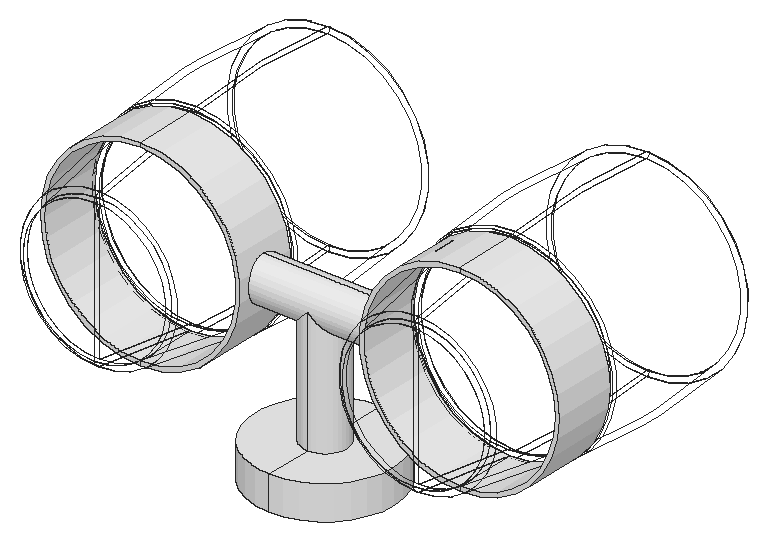
Revit family "Toothbrush Holder-Double-Caroma Cosmo Metal", category Specialty Equipment, host Face, Revit 2013
Parameters (values of type "Standard")
  URL = "http://www.caroma.com.au/"
  Type Comments = "Caroma Cosmo Metal Toothbrush Holder - Double"  # constant formula
  ModifiedIssue_ANZRS = 1  # constant formula
  Model = "305101C"  # constant formula
  Material_ANZRS = Metal-Chrome-Caroma
  Manufacturer = "GWA Bathrooms & Kitchens"  # constant formula
  Length_ANZRS = 172 mm  # constant formula
  Glazing = Glass-Clear-Caroma
  Description = ""
  Default Elevation = 1000 mm
  CreatedBy_ANZRS = "Design Content"  # constant formula
  CreatedByURL_ANZRS = "www.designcontent.com.au"
  Cost = 0
  Assembly Code = "C1030200"
Reference planes
  plane 1 "Center (Elevation)": y = 0
  plane 2 "Back": z = 0
  plane 3 "Center (Left/Right)": x = 0
  plane 4 "Left": x = -86
  plane 5 "Right": x = 86
  plane 6 "Bottom": y = -28.5
  plane 7 "Top": y = 66.5
  plane 8 "Front": z = 85.5
  plane 9: x = -51.5
  plane 10: x = 51.5
Forms (mm)
  Revolve 1, solid, material "Glass-Clear-Caroma" <- "Glazing"
    sketch origin (-51.5, -40, 1219.2) x (0, -1, 0) y (0, 0, 1)
      loop
        line (-13.5, -1168.2) -> (-11.5, -1168.2) -> (-11.5, -1145.206)
        arc (-11.5, -1145.206) -> (-12.027, -1143.681) -> (-13.383, -1142.806) r 2.471
        arc (-13.383, -1142.806) -> (-31.178, -1139.265) -> (-49.214, -1137.286) r 208.195
        arc (-49.214, -1137.286) -> (-49.828, -1137.146) -> (-50.368, -1136.823) r 2
        line (-50.368, -1136.823) -> (-51.489, -1135.881)
        arc (-51.489, -1135.881) -> (-51.968, -1135.583) -> (-52.511, -1135.431) r 2
        arc (-52.511, -1135.431) -> (-79.082, -1133.71) -> (-105.642, -1135.588) r 197.057
        arc (-105.642, -1135.588) -> (-106.495, -1136.716) -> (-105.367, -1137.569) r 1
        arc (-105.367, -1137.569) -> (-79.076, -1135.71) -> (-52.775, -1137.413) r 195.057
        line (-52.775, -1137.413) -> (-51.654, -1138.354)
        arc (-51.654, -1138.354) -> (-50.573, -1139.002) -> (-49.345, -1139.282) r 4
        arc (-49.345, -1139.282) -> (-31.3, -1141.27) -> (-13.5, -1144.837) r 206.195
        line (-13.5, -1144.837) -> (-13.5, -1168.2)
      axis (-105.642, -1168.2) -> (-11.5, -1168.2)
    angle from 0 to 360
  Revolve 2, solid, material "Metal-Chrome-Caroma" <- "Material_ANZRS"
    sketch origin (0, 0, 0) x (0, 1, 0) y (0, 0, 1)
      loop
        line (0, 0) -> (22.5, 0) -> (22.5, 11) -> (7, 11) -> (7, 51.039) -> (0, 51.039) -> (0, 0)
      axis (0, 51.039) -> (0, 0)
    angle from 0 to 360
  Revolve 3, solid, material "Metal-Chrome-Caroma" <- "Material_ANZRS"
    sketch origin (-51.5, -40, 1219.2) x (0, -1, 0) y (0, 0, 1)
      loop
        line (-30, -1135.878) -> (-50, -1135.878) -> (-50, -1137.291) -> (-30, -1137.291) -> (-30, -1135.878)
      axis (-50, -1168.2) -> (-30, -1168.2)
    angle from 0 to 360
  Revolve 4, solid, material "Glass-Clear-Caroma" <- "Glazing"
    sketch origin (51.5, -40, 1219.2) x (0, -1, 0) y (0, 0, -1)
      loop
        line (-13.5, 1168.2) -> (-13.5, 1144.837)
        arc (-13.5, 1144.837) -> (-31.3, 1141.27) -> (-49.345, 1139.282) r 206.195
        arc (-49.345, 1139.282) -> (-50.573, 1139.002) -> (-51.654, 1138.354) r 4
        line (-51.654, 1138.354) -> (-52.775, 1137.413)
        arc (-52.775, 1137.413) -> (-79.076, 1135.71) -> (-105.367, 1137.569) r 195.057
        arc (-105.367, 1137.569) -> (-106.495, 1136.716) -> (-105.642, 1135.588) r 1
        arc (-105.642, 1135.588) -> (-79.082, 1133.71) -> (-52.511, 1135.431) r 197.057
        arc (-52.511, 1135.431) -> (-51.968, 1135.583) -> (-51.489, 1135.881) r 2
        line (-51.489, 1135.881) -> (-50.368, 1136.823)
        arc (-50.368, 1136.823) -> (-49.828, 1137.146) -> (-49.214, 1137.286) r 2
        arc (-49.214, 1137.286) -> (-31.178, 1139.265) -> (-13.383, 1142.806) r 208.195
        arc (-13.383, 1142.806) -> (-12.027, 1143.681) -> (-11.5, 1145.206) r 2.471
        line (-11.5, 1145.206) -> (-11.5, 1168.2) -> (-13.5, 1168.2)
      axis (-105.642, 1168.2) -> (-11.5, 1168.2)
    angle from 0 to 360
  Revolve 5, solid, material "Metal-Chrome-Caroma" <- "Material_ANZRS"
    sketch origin (51.5, -40, 1219.2) x (0, -1, 0) y (0, 0, -1)
      loop
        line (-30, 1135.878) -> (-30, 1137.291) -> (-50, 1137.291) -> (-50, 1135.878) -> (-30, 1135.878)
      axis (-50, 1168.2) -> (-30, 1168.2)
    angle from 0 to 360
  Revolve 6, solid, material "Metal-Chrome-Caroma" <- "Material_ANZRS"
    sketch origin (0, 0, 0) x (1, 0, 0) y (0, 0, 1)
      loop
        line (20.5, 58.039) -> (-20.5, 58.039) -> (-20.5, 51.039) -> (20.5, 51.039) -> (20.5, 58.039)
      axis (-20.5, 51.039) -> (20.5, 51.039)
    angle from 0 to 360
Cuts and joins
  joined: Revolve 2, Revolve 3, Revolve 5, Revolve 6
Lines and regions (mm)
  model lines
    curve 1: line (-25.631, 0, 0) -> (24.863, 0, 0)
Dimensions and locks
  aligned and locked: plane 2 "Back" to host face
  aligned and locked: level to host face
